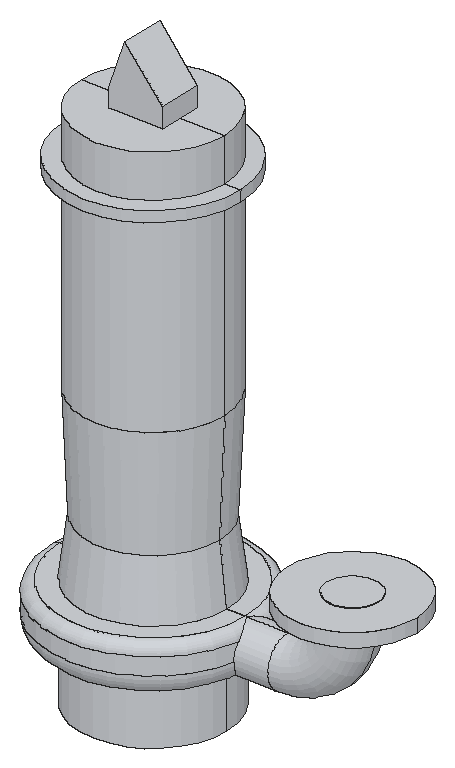
Revit family "7a74af7f6a934aafa77539c889077c03", category Mechanical Equipment, Revit 2021
Family settings
  Round Connector Dimension = Use Radius
  Classification = Pump
  Part Type = Normal
  OmniClass Number = 23.60.30.21
  OmniClass Title = Pumps
  Work Plane-Based = No
  Always vertical = Yes
  Cut with Voids When Loaded = No
  Shared = No
  Room Calculation Point = No
Parameters (values of type "2.2 kW - 2" Discharge")
  Voltage [instance] = 230 V
  Symbol Radius = Cover Diameter / 2  # 4 13/16"
  Pump Material = none
  Number of Poles [instance] = 2
  Load Classification = Appliance - Dwelling Unit
  Length 2 = if(Discharge Nominal Diameter < 3", Discharge Nominal Diameter * 1.5, Discharge Nominal Diameter)  # 3"
  Length 1 = Cover Diameter / 2 - 1 1/2"  # 3 5/16"
  Height = 27 11/16"
  Flow [instance] = 0 GPM
  Flange Thickness = 5/8"
  Flange Radius = Flange Diameter / 2  # 3"
  Flange Diameter = 6"
  Discharge Z Offset = Discharge Height / 2  # 3 29/32"
  Discharge Nominal Radius = 1"
  Discharge Nominal Diameter = Discharge Nominal Radius * 2  # 2"
  Discharge Height Label = if(Discharge Height < Discharge Z Offset + Discharge Body Radius + Flange Thickness, Discharge Z Offset + Discharge Body Radius + Flange Thickness, Discharge Height)  # 7 13/16"
  Discharge Height = 7 13/16"
  Discharge Body Radius = Discharge Nominal Radius * 1.05 + 1/8"  # 1.175"
  Default Elevation = 0"
  Center to Discharge = 9 1/4"
  Cover Diameter = 9 5/8"
  Apparent Load [instance] = 0 VA
Reference planes (in)
  plane 1 "Center (Front/Back)": y = 0
  plane 2: z = 0
  plane 3 "Center (Left/Right)": x = 0
  plane 4: z = 27.6875
  plane 5: z = 3.90625
  plane 6: x = -4.8125
  plane 7: x = 4.8125
  plane 8: z = 2.73125
  plane 9: z = 22.1875
  plane 10: z = 22.6875
  plane 11: z = 24.6875
  plane 12 "discharge cl": x = 9.25
  plane 13: z = 7.8125
  plane 14: z = 7.1875
  plane 15: x = 6.25
  plane 16: z = 6.90625
  plane 17: z = 13.04687
Forms (in)
  Revolve 1, solid, material <- "Pump Material"
    sketch origin (0, 0, 0) x (1, 0, 0) y (0, 0, 1)
      loop
        line (-4.0625, 22.1875) -> (-3.3125, 22.1875) -> (-3.3125, 13.04688) -> (-3.08428, 7.8125) -> (-3.4375, 5.08125) -> (-4.3125, 5.08125)
        arc (-4.3125, 5.08125) -> (-4.66605, 4.9348) -> (-4.8125, 4.58125) r 0.5
        line (-4.8125, 4.58125) -> (-4.8125, 3.78125)
        arc (-4.8125, 3.78125) -> (-4.50496, 3.03879) -> (-3.7625, 2.73125) r 1.05
        line (-3.7625, 2.73125) -> (-3.4375, 2.73125) -> (-3.4375, 0) -> (0, 0) -> (0, 24.6875) -> (-3.3125, 24.6875) -> (-3.3125, 22.6875) -> (-4.0625, 22.6875) -> (-4.0625, 22.1875)
      axis (0, 24.6875) -> (0, 0)
    angle from 0 to 360
  Extrusion 2, solid, material <- "Pump Material"
    sketch origin (0, 0, 0) x (1, 0, 0) y (0, 0, 1)
      loop
        line (1.25, 24.6875) -> (1.25, 25.58688) -> (-0.5, 27.6875) -> (-1.25, 25.5125) -> (-1.25, 24.6875) -> (1.25, 24.6875)
    from -1 to 1
  Extrusion 3, solid, material <- "Pump Material"
    sketch origin (0, 0, 0) x (1, 0, 0) y (0, 1, 0)
      loop
        circle (9.25, 0) r 3
    from 7.1875 to 7.8125
  Sweep 4, solid, material <- "Pump Material"
    path origin (0, 0, 0) x (1, 0, 0) y (0, 0, 1)
      loop
        line (0, 3.90625) -> (6.25, 3.90625)
        arc (6.25, 3.90625) -> (8.37132, 4.78493) -> (9.25, 6.90625) r 3
        line (9.25, 6.90625) -> (9.25, 7.8125)
    profile origin (3.125, 0, 3.90625) x (0, 0, -1) y (0, -1, 0)
      loop
        circle (0, 0) r 1.175
Lines and regions (in)
  Masking region 1, detail levels fine
    outline origin (0, 0, 0) x (1, 0, 0) y (0, 1, 0)
      loop
        arc (4.66685, 1.175) -> (-4.8125, 0) -> (4.66685, -1.175) r 4.8125
        line (4.66685, -1.175) -> (6.48968, -1.175)
        arc (6.48968, -1.175) -> (12.25, 0) -> (6.48968, 1.175) r 3
        line (6.48968, 1.175) -> (4.66685, 1.175)
  Masking region 2, detail levels fine
    outline origin (0, 0, 0) x (1, 0, 0) y (0, 1, 0)
      loop
        circle (0, 0) r 4.8125
  symbolic lines, detail levels fine
    curve 1: circle (0, 0, 22.6875) r 3.3125 normal (0, 0, 1)
    curve 2: circle (9.25, 0, 22.6875) r 3 normal (0, 0, 1)
    curve 3: circle (9.25, 0, 22.6875) r 1 normal (0, 0, 1)
    curve 4: line (-1.5, 1, 22.6875) -> (1.5, 1, 22.6875)
    curve 5: line (-1.5, -1, 22.6875) -> (-1.5, 1, 22.6875)
    curve 6: line (1.5, -1, 22.6875) -> (-1.5, -1, 22.6875)
    curve 7: line (1.5, 1, 22.6875) -> (1.5, -1, 22.6875)
    curve 8: line (0, 1, 0) -> (0, -1, 0)
Dimensions and locks (in)
  "Height": plane 4 to level
  equal spacing: plane 7, plane 3 "Center (Left/Right)", plane 6
  "Cover Diameter": plane 7 to plane 6
  locked: plane 10 to plane 9 at 0.5
  locked: plane 4 to plane 11 at 3
  equal spacing: Revolve 1 sketch curve, plane 5, Revolve 1 sketch curve
  "Center to Discharge": plane 12 "discharge cl" to plane 3 "Center (Left/Right)"
  "Discharge Body Radius": plane 5 to plane 8
  locked: plane 11 to plane 10 at 2
  "Discharge Z Offset": plane 5 to level
  "Discharge Height Label": plane 13 to level
  "Flange Thickness": plane 13 to plane 14
  "Discharge Body Radius": plane 1 "Center (Front/Back)" to Masking region 1 sketch curve
  "Discharge Body Radius": Masking region 1 sketch curve to plane 1 "Center (Front/Back)"
  "Length 2": plane 12 "discharge cl" to plane 15
  "Length 2": plane 16 to plane 5
  equal spacing: plane 9, plane 17, plane 5
  locked: Revolve 1 sketch curve to Revolve 1 sketch curve at 0.75
  equal spacing: Extrusion 2 sketch curve, plane 3 "Center (Left/Right)", Extrusion 2 sketch curve
  locked: Revolve 1 sketch curve to plane 6 at 1.5
  Revolve 1 sketch curve to Revolve 1 sketch curve = 7/8"
  locked: Revolve 1 sketch curve to Revolve 1 sketch curve at 1.375
  radius of Revolve 1 sketch curve = 1/2"
  "Flange Radius": radius of Extrusion 3 sketch curve
  "Discharge Nominal Radius": radius of curve 3
  radius of Revolve 1 sketch curve = 1.05"
  "Length 2": radius of Sweep 4 sketch curve
  "Discharge Body Radius": radius of Sweep 4 sketch curve
  "Symbol Radius": radius of Masking region 1 sketch curve
  aligned and locked: Revolve 1 sketch curve to plane 3 "Center (Left/Right)"
  aligned and locked: Revolve 1 sketch curve to plane 11
  aligned and locked: Revolve 1 sketch curve to Revolve 1 sketch curve  (x2)
  aligned and locked: nested 1 to plane 1 "Center (Front/Back)"
  aligned and locked: plane 3 "Center (Left/Right)" to nested 1
  aligned and locked: plane 12 "discharge cl" to Extrusion 3 sketch curve
  aligned and locked: plane 1 "Center (Front/Back)" to Extrusion 3 sketch curve
  aligned and locked: plane 13 to Extrusion 3
  aligned and locked: Extrusion 3 to plane 14
  aligned and locked: Masking region 1 sketch curve to Extrusion 3
  aligned and locked: curve 2 to Masking region 1
  aligned and locked: curve 6 to Extrusion 2
  aligned and locked: curve 4 to Extrusion 2
  aligned and locked: plane 12 "discharge cl" to curve 3
  aligned and locked: plane 1 "Center (Front/Back)" to curve 3
  aligned and locked: plane 16 to Sweep 4 sketch curve
  aligned and locked: plane 15 to Sweep 4 sketch curve
  aligned and locked: plane 3 "Center (Left/Right)" to Sweep 4 sketch curve
  aligned and locked: profile plane to Sweep 4 sketch curve  (x2)
  aligned and locked: plane 13 to Sweep 4 sketch curve
  aligned and locked: plane 3 "Center (Left/Right)" to Masking region 1 sketch curve
  aligned and locked: plane 17 to Revolve 1 sketch curve
  aligned and locked: curve 1 to Revolve 1
  aligned and locked: Masking region 2 sketch curve to Masking region 1
  aligned and locked: plane 13 to Revolve 1 sketch curve
  aligned and locked: Revolve 1 sketch curve to level
Automatic sketch dimensions
  plane 3 "Center (Left/Right)" to curve 6 = 1 1/2"
  curve 6 to plane 3 "Center (Left/Right)" = 1 1/2"
  plane 1 "Center (Front/Back)" to Masking region 1 sketch curve = 0"
  plane 1 "Center (Front/Back)" to curve 8 = 1"
  curve 8 to plane 1 "Center (Front/Back)" = 1"
  curve 8 to plane 3 "Center (Left/Right)" = 0"
  Extrusion 2 sketch curve to plane 11 = 0"
  Extrusion 2 sketch curve to plane 4 = 0"
  Extrusion 2 sketch curve to plane 3 "Center (Left/Right)" = 1 1/4"
  Extrusion 2 sketch curve to plane 3 "Center (Left/Right)" = 1/2"
  Extrusion 2 sketch curve to Extrusion 2 sketch curve = 0.89938"
  Extrusion 2 sketch curve to Extrusion 2 sketch curve = 0.825"
  Revolve 1 sketch curve to plane 6 = 0"
  Revolve 1 sketch curve to plane 8 = 0"
  Revolve 1 sketch curve to plane 9 = 0"
  Revolve 1 sketch curve to plane 10 = 0"
  plane 6 to Revolve 1 sketch curve = 1.72822"
  Revolve 1 sketch curve to level = 3.86576"
  plane 4 to Revolve 1 sketch curve = 6.50924"
Nested families (in)
  nested 1: "Pump Symbol" at (0, 0, 0) x (0, 1, 0) z (0, 0, 1), Symbol Radius <- "Symbol Radius", type "Pump Symbol", detail levels coarse+medium
    with Symbol Radius 4 13/16", Symbol Length 2 4.16775", Symbol Length 1 2 13/32"
Connectors (in)
  electrical at (-0.1, -1, 25.63238), driven by "Number of Poles", driven by "Load Classification", driven by "Voltage", driven by "Apparent Load"
    settings: on Extrusion 2, index 2, voltage 230 V, apparent load 0 VA, apparent load phase1 0 VA, apparent load phase2 0 VA, apparent load phase3 0 VA, power factor 0.8, load classification "Appliance - Dwelling Unit", number of poles 2, system type 30, power factor state 1, is connector primary yes, connector utility no, sub classification motor no, connector description "Power"
  piping at (9.25, 0, 7.8125), diameter 2, driven by "Flow", driven by "Discharge Nominal Radius"
    settings: on Extrusion 3, index 3, connector inside diameter 24", connector length 0", flow factor 0, pipe flow 0 GPM, pressure drop 0.00 psi, fitting loss kfactor 0, connector angle 0.00°, fixture units 0, engagement length 0", angle of deflection 0.00°, flow configuration 1, flow direction 2, fitting loss method 0, system type 16, joint type 0, gender type 0, connector reference index -1, connector utility 0, adjustable connector no, is connector primary yes, connector description "Out"
Definition of nested family "Pump Symbol"
  Parameters (values of type "Pump Symbol")
    Symbol Radius [instance] = 24"
    Symbol Length 2 [instance] = cos(30.00°) * Symbol Radius  # 20.78461"
    Symbol Length 1 [instance] = sin(30.00°) * Symbol Radius  # 12"
  Reference planes (in)
    plane 1 "Center (Front/Back)": y = 0
    plane 2: z = 0
    plane 3 "Center (Left/Right)": x = 0
    plane 4: y = 12
    plane 5: y = -24
    plane 6: x = -20.78461
    plane 7: x = 20.78461
  Lines and regions (in)
    Filled region 1, type "Concrete Block", in view "Ref. Level"
      outline origin (0, 0, 0) x (1, 0, 0) y (0, 1, 0)
        loop
          line (-20.78461, 12) -> (0, -24) -> (20.78461, 12) -> (-20.78461, 12)
    detail lines, in view "Ref. Level"
      curve 1: circle (0, 0, 0) r 24 normal (0, 0, 1)
  Dimensions and locks (in)
    "Symbol Radius": plane 1 "Center (Front/Back)" to plane 5
    "Symbol Length 1": plane 4 to plane 1 "Center (Front/Back)"
    "Symbol Length 2": plane 6 to plane 3 "Center (Left/Right)"
    "Symbol Length 2": plane 3 "Center (Left/Right)" to plane 7
    "Symbol Radius": radius of curve 1
    aligned and locked: plane 3 "Center (Left/Right)" to curve 1
    aligned and locked: plane 1 "Center (Front/Back)" to curve 1
  Automatic sketch dimensions
    Filled region 1 sketch curve to plane 4 = 0"
    Filled region 1 sketch curve to plane 6 = 0"
    Filled region 1 sketch curve to plane 3 "Center (Left/Right)" = 0"
    Filled region 1 sketch curve to plane 7 = 0"
    Filled region 1 sketch curve to plane 5 = 0"
